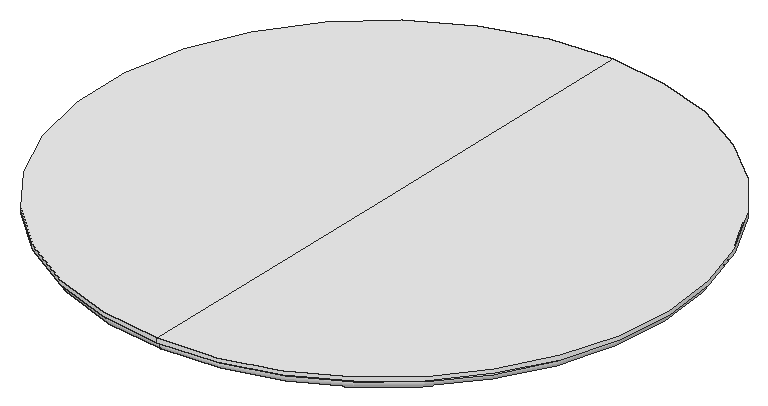
Revit family "Mirror-IlluminatedMirror-Vitra-DeluxeSeries-62575+62576+62577", category Furniture Systems, host Face, Revit 2017
Family settings
  Host = Face
  Round Connector Dimension = Use Diameter
  Part Type = Normal
  OmniClass Number = 23.40.00.00
  OmniClass Title = Equipment and Furnishings
  Cut with Voids When Loaded = No
  Shared = Yes
  Room Calculation Point = No
Parameters (values of type "Mirror(IlluminatedMirror)(BackLighting)-Vitra-DeluxeSeries(60cm)_62575")
  Youtube = "https://www.youtube.com/user/VitrAglobal"
  Width(mm) = 600 mm
  Weight Net (kg) = "10,600"
  Warranty Period (Year) = "2"
  Voltage = "220V"
  Uniformat II Description = "Furnishings"
  Uniformat II Code = "E2010"
  Uniclass 2015 Name = "Bathroom mirrors"
  Uniclass 2015 Code = "Pr_25_71_53_06"
  Uniclass 2.0 Description = "Bathroom Mirrors"
  Uniclass 1.4 Description = "Mirrors"
  Uniclass 2.0 Code = "PR-45-55-06"
  Uniclass 1.4 Code = "L8732"
  URL = "https://vitraglobal.com/"
  UNSPSC Description = "Furniture and Furnishings"
  UNSPSC Code = "56"
  Third Material = Vitra-Light
  Technical description = "https://www.vitra.com.tr/pdf/62575/"
  Tap hole Options (default) = ""
  Specification = ""
  Secondary Material = Vitra-MattGrey
  Region South America = "All"
  Region Oceania = "All"
  Region North America = "All"
  Region Middle East = "All"
  Region Europe = "All"
  Region Asia = "All"
  Region Antarctica = "All"
  Region Africa = "All"
  Product url = "https://www.vitraglobal.com/bathroom-furniture/washbasin-unit/free/deluxe-illuminated-mirror-60-cm-arkadan-aydinlatmali-sku-62575"
  Product group = "Bathroom Furniture"
  Product family = "Deluxe"
  Product data url = ""
  Product certification = "https://vitraglobal.com/catalogues/quality-certificates"
  Product SKU = "62575"
  Product Guid = ""
  Primary Material = Vitra-Mirror
  OmniClass Description = "Mirrors"
  OmniClass Code = "23-21 37 13 15"
  Nominal width = "0.000"
  Nominal height = "0.000"
  NBS Referans Description = "Bathroom Mirrors"
  NBS Referans Code = "45-55-06"
  Model = "62575"
  Masterformat 2014 Description = "Furniture"
  Masterformat 2014 Code = "12 50 00"
  Manufacturer name = "Vitra"
  Manufacturer = "Vitra"
  Lighting Type = "Ambiance Led Lighting"
  Installation instructions = ""
  IFC Classification = "Furnishing Element"
  Help = ""
  Height(mm) = 600 mm
  Design country = "Turkey"
  Description = "Deluxe Illuminated Mirror 60 cm"
  Depth(mm) = 45 mm
  Default Elevation = 0 mm
  Construction Type = "Wall Mounted"
  Color = ""
  COBIe Type Category = ""
  Brand = "VitrA"
  BIMobject category = "Sanitary - Mirrors"
  Article No. (default) = "62575"
  Accessories (default) = ""
  Diameter = 304 mm
Types (4, lengths in mm): name | Width(mm) | Weight Net (kg) | Technical description | Product url | Product data url | Product SKU | Model | Height(mm) | Description | Article No. (default) | Diameter
  (no name) | 600 | "10,600" | "https://www.vitra.com.tr/pdf/62575/" | "https://www.vitraglobal.com/bathroom-furniture/washbasin-unit/free/deluxe-illuminated-mirror-60-cm-arkadan-aydinlatmali-sku-62575" | "" | "62575" | "62575" | 600 | "Deluxe Illuminated Mirror 60 cm" | "62575" | 304
  Mirror(IlluminatedMirror)(BackLighting)-Vitra-DeluxeSeries(60cm)_62575 | 600 | "10,600" | "https://www.vitra.com.tr/pdf/62575/" | "https://www.vitraglobal.com/bathroom-furniture/washbasin-unit/free/deluxe-illuminated-mirror-60-cm-arkadan-aydinlatmali-sku-62575" | "" | "62575" | "62575" | 600 | "Deluxe Illuminated Mirror 60 cm" | "62575" | 304
  Mirror(IlluminatedMirror)(BackLighting)-Vitra-DeluxeSeries(80cm)_62576 | 800 | "12,100" | "https://www.vitra.com.tr/pdf/62576/" | "" | "https://www.vitra.com.tr/banyo-mobilyasi/lavabo-dolabi/etajerli-lavaboyla-kullanilan-dolaplar/deluxe-aydinlatmali-ayna-sku-62576/" | "62576" | "62576" | 800 | "Deluxe Illuminated Mirror 80 cm" | "62576" | 404
  Mirror(IlluminatedMirror)(BackLighting)-Vitra-DeluxeSeries(110cm)_62577 | 1100 | "27,000" | "https://www.vitra.com.tr/pdf/62577/" | "https://www.vitra.com.tr/banyo-mobilyasi/lavabo-dolabi/etajerli-lavaboyla-kullanilan-dolaplar/deluxe-aydinlatmali-ayna-sku-62577/" | "" | "62577" | "62577" | 1100 | "Deluxe Illuminated Mirror 110 cm" | "62577" | 554
Reference planes
  plane 1 "Center (Front/Back)": y = 0
  plane 2: z = -0.016
  plane 3 "Center (Left/Right)": x = 2.95
  plane 4: z = 44.984
  plane 5: x = -47.55
Forms (mm)
  Extrusion 1, solid, material "Vitra-MattGrey" <- "Secondary Material"
    sketch origin (182.95, -776.986, 15.325) x (1, 0, 0) y (0, 1, 0)
      loop
        circle (-181.5, 829.5) r 7.5
    from -3.218 to -0.278
  Revolve 2, solid, material "Vitra-Mirror" <- "Primary Material"
    sketch origin (0, 293.896, 43.023) x (0, -1, 0) y (0, 0, -1)
      loop
        line (293.896, 43) -> (117.896, 43) -> (117.896, 27) -> (57.896, 27) -> (-0.059, 14.681)
        arc (-0.059, 14.681) -> (-4.329, 12.065) -> (-6, 7.345) r 7.5
        line (-6, 7.345) -> (-6, 4) -> (-10.104, 4) -> (-10.104, 0) -> (293.896, 0) -> (293.896, 43)
      axis (293.896, 0) -> (293.896, 43)
    angle from 0 to 360
  Extrusion 3, void
    sketch origin (0, 0, 0.023) x (0, 1, 0) y (1, 0, 0)
      loop
        circle (0, 0) r 121
    from 17.18 to -38
Cuts and joins
  Extrusion 3 cuts Revolve 2
Dimensions and locks
  "Depth(mm)": plane 4 to host face
  "Diameter": Revolve 2 sketch curve to Revolve 2 sketch curve
  locked: Revolve 2 sketch curve to Revolve 2 sketch curve at 128
  locked: Revolve 2 sketch curve to Revolve 2 sketch curve at 4.104
  diameter of cut or joined group of Revolve 2, Extrusion 3 = 599.792 mm
  aligned and locked: plane 2 to host face
  aligned and locked: level to host face
Automatic sketch dimensions
  host sketch curve to host sketch curve = 2361.448 mm
  host sketch curve to host sketch curve = 2438.4 mm
  Extrusion 1 sketch curve to Extrusion 1 sketch curve = 7.5 mm
  Extrusion 1 sketch curve to plane 1 "Center (Front/Back)" = 52.514 mm
  Extrusion 1 sketch curve to Extrusion 1 sketch curve = 0 mm
  Extrusion 1 sketch curve to plane 3 "Center (Left/Right)" = 1.5 mm
  Revolve 2 sketch curve to plane 1 "Center (Front/Back)" = 0 mm  (x2)
  plane 4 to Revolve 2 sketch curve = 16.642 mm
  Revolve 2 sketch curve to Revolve 2 sketch curve = 5.941 mm
  Revolve 2 sketch curve to Revolve 2 sketch curve = 1.559 mm
  level to Revolve 2 sketch curve = 16.023 mm
  Revolve 2 sketch curve to Revolve 2 sketch curve = 57.955 mm
  Revolve 2 sketch curve to Revolve 2 sketch curve = 3.345 mm
  plane 4 to Revolve 2 sketch curve = 1.96 mm
  level to Revolve 2 sketch curve = 0.023 mm
  Revolve 2 sketch curve to Revolve 2 sketch curve = 21.5 mm
  Revolve 2 sketch curve to plane 2 = 38.46 mm
  radius of Extrusion 3 sketch curve to Revolve 2 = 55 mm
Connectors
  electrical at (1.45, 52.514, 12.107)
    settings: on Extrusion 1, index 1, voltage 220 V, apparent load 0 VA, apparent load phase1 0 VA, apparent load phase2 0 VA, apparent load phase3 0 VA, power factor 1, load classification "Power", number of poles 1, system type 31, power factor state 1, is connector primary yes, connector utility no, sub classification motor no, connector description ""
